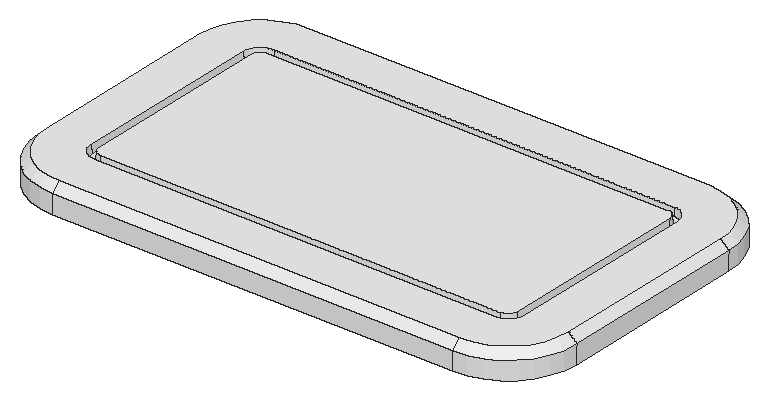
Revit family "Ifö Spira Art Floorstanding WC 6240", category Generic Models, Revit 2015 (continued)
Automatic sketch dimensions
  Masking region 4 sketch curve to plane 3 "Center (Left/Right)" = 0.00 mm  (x2)
  Masking region 4 sketch curve to plane 3 "Center (Left/Right)" = 5.059 mm
  Masking region 4 sketch curve to plane 3 "Center (Left/Right)" = 15.16 mm
  Masking region 4 sketch curve to plane 3 "Center (Left/Right)" = 30.50 mm  (x2)
  Masking region 4 sketch curve to Masking region 4 sketch curve = 10.499 mm  (x2)
  Masking region 4 sketch curve to plane 3 "Center (Left/Right)" = 46.175 mm
  Masking region 4 sketch curve to Masking region 4 sketch curve = 4.10 mm  (x2)
  Masking region 4 sketch curve to plane 3 "Center (Left/Right)" = 50.334 mm
  Masking region 4 sketch curve to Masking region 4 sketch curve = 11.873 mm  (x2)
  Masking region 4 sketch curve to Masking region 4 sketch curve = 21.853 mm  (x2)
  Masking region 4 sketch curve to Masking region 4 sketch curve = 13.385 mm  (x2)
  Masking region 4 sketch curve to Masking region 4 sketch curve = 43.322 mm  (x2)
  Masking region 4 sketch curve to Masking region 4 sketch curve = 58.834 mm  (x2)
  Masking region 4 sketch curve to Masking region 4 sketch curve = 20.874 mm  (x2)
  Masking region 4 sketch curve to Masking region 4 sketch curve = 21.34 mm  (x2)
  Masking region 4 sketch curve to Masking region 4 sketch curve = 40.97 mm  (x2)
  Masking region 4 sketch curve to Masking region 4 sketch curve = 12.795 mm  (x2)
  Masking region 4 sketch curve to Masking region 4 sketch curve = 37.146 mm  (x2)
  plane 1 "Center (Front/Back)" to Masking region 4 sketch curve = 62.186 mm  (x2)
  Masking region 4 sketch curve to Masking region 4 sketch curve = 41.449 mm  (x2)
  Masking region 4 sketch curve to Masking region 4 sketch curve = 1.782 mm  (x2)
  Masking region 4 sketch curve to Masking region 4 sketch curve = 11.944 mm  (x2)
  Masking region 4 sketch curve to Masking region 4 sketch curve = 6.206 mm  (x2)
  Masking region 4 sketch curve to Masking region 4 sketch curve = 7.087 mm  (x2)
  Masking region 4 sketch curve to Masking region 4 sketch curve = 26.449 mm  (x2)
  Masking region 4 sketch curve to Masking region 4 sketch curve = 132.475 mm  (x2)
  Masking region 4 sketch curve to Masking region 4 sketch curve = 158.229 mm  (x2)
  plane 1 "Center (Front/Back)" to Masking region 4 sketch curve = 315.12 mm  (x2)
  Masking region 4 sketch curve to Masking region 4 sketch curve = 703.053 mm  (x2)
  plane 1 "Center (Front/Back)" to Masking region 4 sketch curve = 236.045 mm  (x2)
  Masking region 4 sketch curve to Masking region 4 sketch curve = 1229.201 mm  (x2)
  plane 1 "Center (Front/Back)" to Masking region 4 sketch curve = 433.796 mm  (x2)
  Masking region 4 sketch curve to Masking region 4 sketch curve = 1333.05 mm  (x2)
  plane 3 "Center (Left/Right)" to Masking region 4 sketch curve = 5.059 mm
  plane 3 "Center (Left/Right)" to Masking region 4 sketch curve = 15.16 mm
  plane 3 "Center (Left/Right)" to Masking region 4 sketch curve = 30.50 mm  (x2)
  plane 3 "Center (Left/Right)" to Masking region 4 sketch curve = 46.175 mm
  plane 3 "Center (Left/Right)" to Masking region 4 sketch curve = 50.334 mm
  Masking region 4 sketch curve to Masking region 4 sketch curve = 374.94 mm
  Masking region 4 sketch curve to Masking region 4 sketch curve = 6.776 mm  (x2)
  Masking region 4 sketch curve to Masking region 4 sketch curve = 3.689 mm  (x2)
  Masking region 4 sketch curve to Masking region 4 sketch curve = 39.667 mm
  Masking region 4 sketch curve to Masking region 4 sketch curve = 15.431 mm
  Masking region 4 sketch curve to Masking region 4 sketch curve = 18.776 mm
  Masking region 4 sketch curve to Masking region 4 sketch curve = 1892.949 mm
  Masking region 4 sketch curve to Masking region 4 sketch curve = 7.416 mm  (x2)
  Masking region 4 sketch curve to Masking region 4 sketch curve = 15.995 mm  (x2)
  Masking region 4 sketch curve to Masking region 4 sketch curve = 139.351 mm  (x2)
  Masking region 4 sketch curve to Masking region 4 sketch curve = 8.503 mm  (x2)
  Masking region 4 sketch curve to Masking region 4 sketch curve = 1.563 mm  (x2)
  Masking region 4 sketch curve to Masking region 4 sketch curve = 11.983 mm  (x2)
  Masking region 4 sketch curve to Masking region 4 sketch curve = 22.105 mm  (x2)
  Masking region 4 sketch curve to Masking region 4 sketch curve = 10.983 mm  (x2)
  Masking region 4 sketch curve to Masking region 4 sketch curve = 40.532 mm  (x2)
  Masking region 4 sketch curve to Masking region 4 sketch curve = 86.799 mm
  Masking region 4 sketch curve to Masking region 4 sketch curve = 29.704 mm  (x2)
  Masking region 4 sketch curve to Masking region 4 sketch curve = 0.561 mm  (x2)
  Masking region 4 sketch curve to Masking region 4 sketch curve = 7.64 mm  (x2)
  Masking region 4 sketch curve to Masking region 4 sketch curve = 22.166 mm  (x2)
  Masking region 4 sketch curve to Masking region 4 sketch curve = 55.206 mm
  Masking region 4 sketch curve to Masking region 4 sketch curve = 29.00 mm
  Masking region 4 sketch curve to Masking region 4 sketch curve = 5.273 mm  (x2)
  Masking region 4 sketch curve to Masking region 4 sketch curve = 23.286 mm  (x2)
  plane 1 "Center (Front/Back)" to Masking region 4 sketch curve = 44.222 mm  (x2)
  Masking region 4 sketch curve to plane 3 "Center (Left/Right)" = 36.001 mm
  plane 1 "Center (Front/Back)" to Masking region 4 sketch curve = 2.666 mm
  Masking region 4 sketch curve to Masking region 4 sketch curve = 11.071 mm  (x2)
  Masking region 4 sketch curve to Masking region 4 sketch curve = 0.169 mm  (x2)
  Masking region 5 sketch curve to Masking region 5 sketch curve = 0.00 mm  (x42)
  Masking region 5 sketch curve to plane 3 "Center (Left/Right)" = 0.00 mm  (x2)
  Masking region 5 sketch curve to plane 3 "Center (Left/Right)" = 1.863 mm
  Masking region 5 sketch curve to plane 3 "Center (Left/Right)" = 2.498 mm
  Masking region 5 sketch curve to plane 3 "Center (Left/Right)" = 12.898 mm
  Masking region 5 sketch curve to plane 3 "Center (Left/Right)" = 19.664 mm
  Masking region 5 sketch curve to Masking region 5 sketch curve = 9.427 mm  (x2)
  Masking region 5 sketch curve to plane 3 "Center (Left/Right)" = 30.50 mm  (x2)
  Masking region 5 sketch curve to Masking region 5 sketch curve = 19.015 mm  (x2)
  Masking region 5 sketch curve to Masking region 5 sketch curve = 10.499 mm  (x2)
  Masking region 5 sketch curve to plane 3 "Center (Left/Right)" = 50.334 mm
  Masking region 5 sketch curve to Masking region 5 sketch curve = 21.853 mm  (x2)
  Masking region 5 sketch curve to Masking region 5 sketch curve = 33.292 mm  (x2)
  Masking region 5 sketch curve to Masking region 5 sketch curve = 15.388 mm  (x2)
  Masking region 5 sketch curve to Masking region 5 sketch curve = 43.322 mm  (x2)
  Masking region 5 sketch curve to Masking region 5 sketch curve = 58.834 mm  (x2)
  Masking region 5 sketch curve to Masking region 5 sketch curve = 20.874 mm  (x2)
  Masking region 5 sketch curve to Masking region 5 sketch curve = 40.97 mm  (x2)
  Masking region 5 sketch curve to Masking region 5 sketch curve = 12.795 mm  (x2)
  plane 1 "Center (Front/Back)" to Masking region 5 sketch curve = 62.186 mm  (x2)
  Masking region 5 sketch curve to Masking region 5 sketch curve = 41.449 mm  (x2)
  Masking region 5 sketch curve to Masking region 5 sketch curve = 11.944 mm  (x2)
  Masking region 5 sketch curve to Masking region 5 sketch curve = 12.709 mm  (x2)
  Masking region 5 sketch curve to Masking region 5 sketch curve = 0.881 mm  (x2)
  Masking region 5 sketch curve to Masking region 5 sketch curve = 114.066 mm  (x2)
  Masking region 5 sketch curve to Masking region 5 sketch curve = 26.449 mm  (x2)
  Masking region 5 sketch curve to Masking region 5 sketch curve = 22.617 mm  (x2)
  Masking region 5 sketch curve to Masking region 5 sketch curve = 158.229 mm  (x2)
  plane 1 "Center (Front/Back)" to Masking region 5 sketch curve = 292.423 mm  (x2)
  Masking region 5 sketch curve to Masking region 5 sketch curve = 842.522 mm  (x2)
  plane 1 "Center (Front/Back)" to Masking region 5 sketch curve = 236.045 mm  (x2)
  Masking region 5 sketch curve to Masking region 5 sketch curve = 1089.732 mm  (x2)
  Masking region 5 sketch curve to Masking region 5 sketch curve = 213.732 mm  (x2)
  Masking region 5 sketch curve to Masking region 5 sketch curve = 441.251 mm  (x2)
  plane 3 "Center (Left/Right)" to Masking region 5 sketch curve = 1.863 mm
  plane 3 "Center (Left/Right)" to Masking region 5 sketch curve = 2.498 mm
  plane 3 "Center (Left/Right)" to Masking region 5 sketch curve = 12.898 mm
  plane 3 "Center (Left/Right)" to Masking region 5 sketch curve = 19.664 mm
  plane 3 "Center (Left/Right)" to Masking region 5 sketch curve = 30.50 mm  (x2)
  plane 3 "Center (Left/Right)" to Masking region 5 sketch curve = 50.334 mm
  Masking region 5 sketch curve to Masking region 5 sketch curve = 59.956 mm  (x2)
  Masking region 5 sketch curve to Masking region 5 sketch curve = 330.558 mm  (x2)
  Masking region 5 sketch curve to Masking region 5 sketch curve = 10.926 mm  (x2)
  Masking region 5 sketch curve to Masking region 5 sketch curve = 29.861 mm  (x2)
  plane 1 "Center (Front/Back)" to Masking region 5 sketch curve = 424.92 mm  (x2)
  Masking region 5 sketch curve to Masking region 5 sketch curve = 14.671 mm  (x2)
  Masking region 5 sketch curve to Masking region 5 sketch curve = 14.605 mm
  Masking region 5 sketch curve to Masking region 5 sketch curve = 5.931 mm  (x2)
  Masking region 5 sketch curve to Masking region 5 sketch curve = 17.35 mm  (x2)
  Masking region 5 sketch curve to Masking region 5 sketch curve = 11.28 mm  (x2)
  Masking region 5 sketch curve to Masking region 5 sketch curve = 31.789 mm
  Masking region 5 sketch curve to Masking region 5 sketch curve = 23.782 mm
  Masking region 5 sketch curve to Masking region 5 sketch curve = 1878.333 mm
  Masking region 5 sketch curve to Masking region 5 sketch curve = 140.429 mm  (x2)
  Masking region 5 sketch curve to Masking region 5 sketch curve = 19.302 mm  (x2)
  Masking region 5 sketch curve to Masking region 5 sketch curve = 10.983 mm  (x2)
  Masking region 5 sketch curve to Masking region 5 sketch curve = 40.532 mm  (x2)
  Masking region 5 sketch curve to Masking region 5 sketch curve = 18.284 mm
  Masking region 5 sketch curve to Masking region 5 sketch curve = 29.704 mm  (x2)
  Masking region 5 sketch curve to Masking region 5 sketch curve = 0.561 mm  (x2)
  Masking region 5 sketch curve to Masking region 5 sketch curve = 7.64 mm  (x2)
  Masking region 5 sketch curve to Masking region 5 sketch curve = 22.166 mm  (x2)
  Masking region 5 sketch curve to Masking region 5 sketch curve = 55.206 mm
  Masking region 5 sketch curve to Masking region 5 sketch curve = 29.00 mm
  Masking region 5 sketch curve to Masking region 5 sketch curve = 5.273 mm  (x2)
  Masking region 5 sketch curve to Masking region 5 sketch curve = 23.286 mm  (x2)
  plane 1 "Center (Front/Back)" to Masking region 5 sketch curve = 44.222 mm  (x2)
  Masking region 5 sketch curve to plane 3 "Center (Left/Right)" = 29.529 mm
  plane 1 "Center (Front/Back)" to Masking region 5 sketch curve = 2.666 mm
  Masking region 5 sketch curve to Masking region 5 sketch curve = 11.071 mm  (x2)
  Masking region 5 sketch curve to Masking region 5 sketch curve = 0.169 mm  (x2)
  Masking region 5 sketch curve to Masking region 5 sketch curve = 2.326 mm  (x2)
  Masking region 6 sketch curve to Masking region 6 sketch curve = 0.00 mm  (x40)
  Masking region 6 sketch curve to level = 0.00 mm
  Masking region 6 sketch curve to plane 3 "Center (Left/Right)" = 0.00 mm
  Masking region 6 sketch curve to plane 3 "Center (Left/Right)" = 1.097 mm
  Masking region 6 sketch curve to plane 3 "Center (Left/Right)" = 39.749 mm
  Masking region 6 sketch curve to Masking region 6 sketch curve = 1.251 mm  (x3)
  Masking region 6 sketch curve to plane 3 "Center (Left/Right)" = 58.299 mm
  Masking region 6 sketch curve to plane 3 "Center (Left/Right)" = 103.905 mm
  Masking region 6 sketch curve to plane 3 "Center (Left/Right)" = 106.601 mm
  Masking region 6 sketch curve to plane 5 "In" = 67.396 mm  (x2)
  Masking region 6 sketch curve to plane 3 "Center (Left/Right)" = 116.511 mm
  Masking region 6 sketch curve to Masking region 6 sketch curve = 79.148 mm  (x2)
  plane 5 "In" to Masking region 6 sketch curve = 111.784 mm  (x2)
  Masking region 6 sketch curve to Masking region 6 sketch curve = 20.823 mm  (x2)
  Masking region 6 sketch curve to Masking region 6 sketch curve = 10.573 mm  (x2)
  Masking region 6 sketch curve to Masking region 6 sketch curve = 35.511 mm  (x2)
  Masking region 6 sketch curve to Masking region 6 sketch curve = 0.124 mm  (x2)
  plane 5 "In" to Masking region 6 sketch curve = 32.699 mm  (x2)
  Masking region 6 sketch curve to Masking region 6 sketch curve = 3.064 mm  (x2)
  Masking region 6 sketch curve to Masking region 6 sketch curve = 98.984 mm  (x2)
  Masking region 6 sketch curve to Masking region 6 sketch curve = 41.021 mm  (x2)
  Masking region 6 sketch curve to Masking region 6 sketch curve = 11.064 mm  (x2)
  Masking region 6 sketch curve to Masking region 6 sketch curve = 16.019 mm  (x2)
  Masking region 6 sketch curve to Masking region 6 sketch curve = 19.726 mm  (x2)
  Masking region 6 sketch curve to Masking region 6 sketch curve = 9.422 mm  (x2)
  Masking region 6 sketch curve to plane 5 "In" = 26.827 mm  (x2)
  Masking region 6 sketch curve to Masking region 6 sketch curve = 20.902 mm  (x2)
  Masking region 6 sketch curve to Masking region 6 sketch curve = 0.591 mm  (x2)
  Masking region 6 sketch curve to plane 5 "In" = 78.959 mm  (x2)
  Masking region 6 sketch curve to Masking region 6 sketch curve = 1.184 mm  (x2)
  Masking region 6 sketch curve to plane 5 "In" = 76.255 mm  (x2)
  Masking region 6 sketch curve to Masking region 6 sketch curve = 0.037 mm  (x2)
  Masking region 6 sketch curve to Masking region 6 sketch curve = 4.315 mm  (x2)
  Masking region 6 sketch curve to plane 5 "In" = 60.526 mm  (x2)
  Masking region 6 sketch curve to Masking region 6 sketch curve = 4.258 mm  (x2)
  Masking region 6 sketch curve to Masking region 6 sketch curve = 5.516 mm  (x2)
  Masking region 6 sketch curve to Masking region 6 sketch curve = 3.578 mm  (x2)
  Masking region 6 sketch curve to Masking region 6 sketch curve = 1.313 mm  (x2)
  Masking region 6 sketch curve to Masking region 6 sketch curve = 3.158 mm  (x2)
  Masking region 6 sketch curve to Masking region 6 sketch curve = 2.653 mm  (x2)
  Masking region 6 sketch curve to Masking region 6 sketch curve = 0.936 mm  (x2)
  Masking region 6 sketch curve to Masking region 6 sketch curve = 49.097 mm  (x2)
  level to Masking region 6 sketch curve = 115.331 mm  (x2)
  Masking region 6 sketch curve to Masking region 6 sketch curve = 314.901 mm  (x2)
  Masking region 6 sketch curve to Masking region 6 sketch curve = 537.364 mm  (x2)
  Masking region 6 sketch curve to Masking region 6 sketch curve = 5.325 mm  (x2)
  Masking region 6 sketch curve to plane 5 "In" = 274.033 mm  (x2)
  Masking region 6 sketch curve to Masking region 6 sketch curve = 705.088 mm  (x2)
  Masking region 6 sketch curve to plane 5 "In" = 199.896 mm  (x2)
  Masking region 6 sketch curve to Masking region 6 sketch curve = 566.532 mm  (x2)
  Masking region 6 sketch curve to plane 5 "In" = 72.153 mm  (x2)
  Masking region 6 sketch curve to Masking region 6 sketch curve = 2760.217 mm  (x2)
  plane 3 "Center (Left/Right)" to Masking region 6 sketch curve = 1.097 mm
  plane 3 "Center (Left/Right)" to Masking region 6 sketch curve = 39.749 mm
  plane 3 "Center (Left/Right)" to Masking region 6 sketch curve = 58.299 mm
  plane 3 "Center (Left/Right)" to Masking region 6 sketch curve = 103.905 mm
  plane 3 "Center (Left/Right)" to Masking region 6 sketch curve = 106.601 mm
  plane 3 "Center (Left/Right)" to Masking region 6 sketch curve = 116.511 mm
  level to Masking region 6 sketch curve = 70.931 mm
  Masking region 6 sketch curve to Masking region 6 sketch curve = 11.47 mm  (x2)
  Masking region 6 sketch curve to Masking region 6 sketch curve = 5.647 mm  (x2)
  Masking region 6 sketch curve to Masking region 6 sketch curve = 4.056 mm  (x2)
  Masking region 6 sketch curve to Masking region 6 sketch curve = 1.372 mm  (x2)
  Masking region 6 sketch curve to Masking region 6 sketch curve = 2.404 mm  (x2)
  Masking region 6 sketch curve to Masking region 6 sketch curve = 5.304 mm  (x2)
  Masking region 6 sketch curve to Masking region 6 sketch curve = 7.078 mm  (x2)
  Masking region 6 sketch curve to Masking region 6 sketch curve = 5.107 mm  (x2)
  Masking region 6 sketch curve to Masking region 6 sketch curve = 8.23 mm  (x2)
  Masking region 6 sketch curve to Masking region 6 sketch curve = 3.98 mm  (x2)
  Masking region 6 sketch curve to Masking region 6 sketch curve = 0.639 mm  (x2)
  Masking region 6 sketch curve to Masking region 6 sketch curve = 1.538 mm  (x2)
  Masking region 6 sketch curve to Masking region 6 sketch curve = 5.195 mm  (x2)
  Masking region 6 sketch curve to Masking region 6 sketch curve = 55.874 mm  (x2)
  Masking region 6 sketch curve to Masking region 6 sketch curve = 113.851 mm  (x2)
  Masking region 6 sketch curve to Masking region 6 sketch curve = 56.86 mm  (x2)
  Masking region 6 sketch curve to plane 5 "In" = 352.228 mm  (x2)
  Masking region 6 sketch curve to Masking region 6 sketch curve = 40.738 mm  (x2)
  Masking region 6 sketch curve to Masking region 6 sketch curve = 105.797 mm
  Masking region 6 sketch curve to Masking region 6 sketch curve = 112.381 mm  (x2)
  Masking region 6 sketch curve to Masking region 6 sketch curve = 7.554 mm  (x2)
  Masking region 6 sketch curve to Masking region 6 sketch curve = 25.194 mm  (x2)
  Masking region 6 sketch curve to Masking region 6 sketch curve = 75.376 mm
  Masking region 6 sketch curve to Masking region 6 sketch curve = 1.235 mm  (x2)
  Masking region 6 sketch curve to Masking region 6 sketch curve = 15.581 mm  (x2)
  Masking region 6 sketch curve to Masking region 6 sketch curve = 1.107 mm  (x2)
  Masking region 6 sketch curve to Masking region 6 sketch curve = 0.249 mm  (x2)
  Masking region 6 sketch curve to Masking region 6 sketch curve = 5.442 mm  (x2)
  Masking region 6 sketch curve to Masking region 6 sketch curve = 0.105 mm  (x2)
  Masking region 6 sketch curve to Masking region 6 sketch curve = 2.176 mm  (x2)
  Masking region 6 sketch curve to Masking region 6 sketch curve = 0.825 mm  (x2)
  Masking region 6 sketch curve to Masking region 6 sketch curve = 1.812 mm  (x2)
  Masking region 7 sketch curve to Masking region 7 sketch curve = 0.00 mm  (x39)
  Masking region 7 sketch curve to level = 0.00 mm
  Masking region 7 sketch curve to plane 3 "Center (Left/Right)" = 0.00 mm
  Masking region 7 sketch curve to plane 3 "Center (Left/Right)" = 1.097 mm
  Masking region 7 sketch curve to plane 3 "Center (Left/Right)" = 39.749 mm
  Masking region 7 sketch curve to Masking region 7 sketch curve = 1.251 mm  (x3)
  Masking region 7 sketch curve to plane 3 "Center (Left/Right)" = 44.327 mm
  Masking region 7 sketch curve to plane 3 "Center (Left/Right)" = 58.299 mm
  Masking region 7 sketch curve to plane 3 "Center (Left/Right)" = 103.905 mm
  Masking region 7 sketch curve to plane 3 "Center (Left/Right)" = 106.601 mm
  Masking region 7 sketch curve to Masking region 7 sketch curve = 72.183 mm  (x2)
  Masking region 7 sketch curve to Masking region 7 sketch curve = 79.148 mm  (x2)
  Masking region 7 sketch curve to Masking region 7 sketch curve = 4.268 mm  (x2)
  plane 5 "In" to Masking region 7 sketch curve = 111.784 mm  (x2)
  Masking region 7 sketch curve to Masking region 7 sketch curve = 20.823 mm  (x2)
  Masking region 7 sketch curve to Masking region 7 sketch curve = 10.573 mm  (x2)
  Masking region 7 sketch curve to Masking region 7 sketch curve = 31.772 mm  (x2)
  plane 5 "In" to Masking region 7 sketch curve = 32.699 mm  (x2)
  Masking region 7 sketch curve to Masking region 7 sketch curve = 30.358 mm  (x2)
  Masking region 7 sketch curve to Masking region 7 sketch curve = 4.239 mm  (x2)
  Masking region 7 sketch curve to Masking region 7 sketch curve = 11.839 mm  (x2)
  Masking region 7 sketch curve to Masking region 7 sketch curve = 7.927 mm  (x2)
  Masking region 7 sketch curve to Masking region 7 sketch curve = 2.673 mm  (x2)
  Masking region 7 sketch curve to Masking region 7 sketch curve = 0.728 mm  (x2)
  Masking region 7 sketch curve to Masking region 7 sketch curve = 4.596 mm
  Masking region 7 sketch curve to Masking region 7 sketch curve = 2.097 mm  (x2)
  Masking region 7 sketch curve to Masking region 7 sketch curve = 0.815 mm  (x2)
  Masking region 7 sketch curve to Masking region 7 sketch curve = 8.119 mm  (x2)
  Masking region 7 sketch curve to plane 5 "In" = 26.827 mm  (x2)
  Masking region 7 sketch curve to Masking region 7 sketch curve = 0.416 mm  (x2)
  Masking region 7 sketch curve to Masking region 7 sketch curve = 1.822 mm  (x2)
  Masking region 7 sketch curve to plane 5 "In" = 78.959 mm  (x2)
  Masking region 7 sketch curve to Masking region 7 sketch curve = 1.775 mm  (x2)
  Masking region 7 sketch curve to plane 5 "In" = 76.255 mm  (x2)
  Masking region 7 sketch curve to Masking region 7 sketch curve = 0.037 mm  (x2)
  Masking region 7 sketch curve to plane 5 "In" = 60.526 mm  (x2)
  Masking region 7 sketch curve to Masking region 7 sketch curve = 4.258 mm  (x2)
  Masking region 7 sketch curve to Masking region 7 sketch curve = 56.127 mm  (x2)
  level to Masking region 7 sketch curve = 115.331 mm  (x2)
  Masking region 7 sketch curve to Masking region 7 sketch curve = 314.901 mm  (x2)
  Masking region 7 sketch curve to Masking region 7 sketch curve = 537.364 mm  (x2)
  Masking region 7 sketch curve to Masking region 7 sketch curve = 5.325 mm  (x2)
  Masking region 7 sketch curve to plane 5 "In" = 274.033 mm  (x2)
  Masking region 7 sketch curve to Masking region 7 sketch curve = 705.088 mm  (x2)
  Masking region 7 sketch curve to plane 5 "In" = 199.896 mm  (x2)
  Masking region 7 sketch curve to Masking region 7 sketch curve = 566.532 mm  (x2)
  Masking region 7 sketch curve to plane 5 "In" = 72.153 mm  (x2)
  Masking region 7 sketch curve to Masking region 7 sketch curve = 2760.217 mm  (x2)
  plane 3 "Center (Left/Right)" to Masking region 7 sketch curve = 1.097 mm
  plane 3 "Center (Left/Right)" to Masking region 7 sketch curve = 39.749 mm
  plane 3 "Center (Left/Right)" to Masking region 7 sketch curve = 44.327 mm
  plane 3 "Center (Left/Right)" to Masking region 7 sketch curve = 58.299 mm
  plane 3 "Center (Left/Right)" to Masking region 7 sketch curve = 103.905 mm
  plane 3 "Center (Left/Right)" to Masking region 7 sketch curve = 106.601 mm
  Masking region 7 sketch curve to Masking region 7 sketch curve = 12.523 mm
  level to Masking region 7 sketch curve = 70.931 mm
  Masking region 7 sketch curve to Masking region 7 sketch curve = 8.859 mm  (x2)
  Masking region 7 sketch curve to Masking region 7 sketch curve = 4.056 mm  (x2)
  Masking region 7 sketch curve to Masking region 7 sketch curve = 9.763 mm  (x2)
  Masking region 7 sketch curve to Masking region 7 sketch curve = 5.46 mm  (x2)
  Masking region 7 sketch curve to Masking region 7 sketch curve = 12.507 mm  (x2)
  Masking region 7 sketch curve to Masking region 7 sketch curve = 8.367 mm  (x2)
  Masking region 7 sketch curve to Masking region 7 sketch curve = 3.737 mm  (x2)
  Masking region 7 sketch curve to Masking region 7 sketch curve = 0.718 mm  (x2)
  Masking region 7 sketch curve to Masking region 7 sketch curve = 5.446 mm
  Masking region 7 sketch curve to Masking region 7 sketch curve = 4.72 mm
  Masking region 7 sketch curve to Masking region 7 sketch curve = 2.418 mm  (x2)
  Masking region 7 sketch curve to Masking region 7 sketch curve = 8.722 mm  (x2)
  Masking region 7 sketch curve to Masking region 7 sketch curve = 2.132 mm  (x2)
  Masking region 7 sketch curve to Masking region 7 sketch curve = 2.104 mm  (x2)
  Masking region 7 sketch curve to Masking region 7 sketch curve = 17.458 mm  (x2)
  Masking region 7 sketch curve to Masking region 7 sketch curve = 202.163 mm
  Masking region 7 sketch curve to plane 5 "In" = 352.228 mm  (x2)
  Masking region 7 sketch curve to Masking region 7 sketch curve = 40.738 mm  (x2)
  Masking region 7 sketch curve to Masking region 7 sketch curve = 105.797 mm
  Masking region 7 sketch curve to Masking region 7 sketch curve = 14.139 mm  (x2)
  Masking region 7 sketch curve to Masking region 7 sketch curve = 25.194 mm  (x2)
  Masking region 7 sketch curve to Masking region 7 sketch curve = 75.376 mm
  Masking region 7 sketch curve to Masking region 7 sketch curve = 1.235 mm  (x2)
  Masking region 7 sketch curve to Masking region 7 sketch curve = 1.719 mm  (x2)
  Masking region 7 sketch curve to Masking region 7 sketch curve = 2.839 mm  (x2)
  Masking region 7 sketch curve to Masking region 7 sketch curve = 0.256 mm  (x2)
  Masking region 8 sketch curve to Masking region 8 sketch curve = 0.00 mm  (x57)
  Masking region 8 sketch curve to level = 0.00 mm
  plane 5 "In" to Masking region 8 sketch curve = 21.297 mm
  plane 1 "Center (Front/Back)" to Masking region 8 sketch curve = 12801.642 mm
  Masking region 8 sketch curve to plane 5 "In" = 179.191 mm
  plane 1 "Center (Front/Back)" to Masking region 8 sketch curve = 3881.15 mm
  Masking region 8 sketch curve to plane 5 "In" = 26.715 mm
  Masking region 8 sketch curve to Masking region 8 sketch curve = 1311.117 mm
  Masking region 8 sketch curve to Masking region 8 sketch curve = 139.988 mm
  level to Masking region 8 sketch curve = 99.166 mm
  Masking region 8 sketch curve to Masking region 8 sketch curve = 1147.333 mm
  Masking region 8 sketch curve to level = 133.484 mm
  Masking region 8 sketch curve to Masking region 8 sketch curve = 141.808 mm
  level to Masking region 8 sketch curve = 92.755 mm
  Masking region 8 sketch curve to Masking region 8 sketch curve = 188.534 mm
  Masking region 8 sketch curve to Masking region 8 sketch curve = 104.948 mm
  plane 5 "In" to Masking region 8 sketch curve = 55.014 mm
  Masking region 8 sketch curve to Masking region 8 sketch curve = 244.97 mm
  level to Masking region 8 sketch curve = 12.005 mm
  Masking region 8 sketch curve to Masking region 8 sketch curve = 178.406 mm
  Masking region 8 sketch curve to Masking region 8 sketch curve = 34.541 mm
  Masking region 8 sketch curve to plane 5 "In" = 73.225 mm
  Masking region 8 sketch curve to Masking region 8 sketch curve = 239.685 mm
  Masking region 8 sketch curve to Masking region 8 sketch curve = 1.026 mm
  Masking region 8 sketch curve to Masking region 8 sketch curve = 1.069 mm
  Masking region 8 sketch curve to Masking region 8 sketch curve = 5.351 mm
  Masking region 8 sketch curve to Masking region 8 sketch curve = 11.205 mm
  Masking region 8 sketch curve to Masking region 8 sketch curve = 5.937 mm
  Masking region 8 sketch curve to Masking region 8 sketch curve = 9.11 mm
  Masking region 8 sketch curve to Masking region 8 sketch curve = 34.252 mm
  Masking region 8 sketch curve to Masking region 8 sketch curve = 112.338 mm
  Masking region 8 sketch curve to Masking region 8 sketch curve = 68.593 mm
  Masking region 8 sketch curve to Masking region 8 sketch curve = 79.183 mm
  level to Masking region 8 sketch curve = 66.158 mm
  Masking region 8 sketch curve to Masking region 8 sketch curve = 2.31 mm
  Masking region 8 sketch curve to Masking region 8 sketch curve = 74.449 mm
  Masking region 8 sketch curve to Masking region 8 sketch curve = 48.528 mm
  Masking region 8 sketch curve to Masking region 8 sketch curve = 19.539 mm
  Masking region 8 sketch curve to Masking region 8 sketch curve = 17.196 mm
  plane 1 "Center (Front/Back)" to Masking region 8 sketch curve = 289.624 mm
  plane 1 "Center (Front/Back)" to Masking region 8 sketch curve = 232.641 mm
  plane 1 "Center (Front/Back)" to Masking region 8 sketch curve = 228.634 mm
  Masking region 8 sketch curve to Masking region 8 sketch curve = 126.062 mm
  Masking region 8 sketch curve to Masking region 8 sketch curve = 7.582 mm
  Masking region 8 sketch curve to Masking region 8 sketch curve = 6.109 mm
  Masking region 8 sketch curve to plane 5 "In" = 81.169 mm
  Masking region 8 sketch curve to Masking region 8 sketch curve = 10.037 mm
  Masking region 8 sketch curve to plane 5 "In" = 93.093 mm
  Masking region 8 sketch curve to Masking region 8 sketch curve = 13.242 mm
  Masking region 8 sketch curve to Masking region 8 sketch curve = 0.712 mm
  Masking region 8 sketch curve to Masking region 8 sketch curve = 1.208 mm
  Masking region 8 sketch curve to Masking region 8 sketch curve = 3.765 mm
  Masking region 8 sketch curve to Masking region 8 sketch curve = 0.994 mm
  Masking region 8 sketch curve to Masking region 8 sketch curve = 11.478 mm
  Masking region 8 sketch curve to Masking region 8 sketch curve = 16.707 mm
  Masking region 8 sketch curve to Masking region 8 sketch curve = 39.068 mm
  plane 1 "Center (Front/Back)" to Masking region 8 sketch curve = 133.341 mm
  Masking region 8 sketch curve to Masking region 8 sketch curve = 9.936 mm
  Masking region 8 sketch curve to Masking region 8 sketch curve = 0.645 mm
  Masking region 8 sketch curve to Masking region 8 sketch curve = 5.885 mm
  Masking region 8 sketch curve to Masking region 8 sketch curve = 1.495 mm
  Masking region 8 sketch curve to Masking region 8 sketch curve = 11.338 mm
  Masking region 8 sketch curve to Masking region 8 sketch curve = 22.259 mm
  Masking region 8 sketch curve to Masking region 8 sketch curve = 39.965 mm
  Masking region 8 sketch curve to Masking region 8 sketch curve = 28.474 mm
  plane 1 "Center (Front/Back)" to Masking region 8 sketch curve = 89.965 mm
  Masking region 8 sketch curve to Masking region 8 sketch curve = 9.095 mm
  Masking region 8 sketch curve to Masking region 8 sketch curve = 3.176 mm
  plane 1 "Center (Front/Back)" to Masking region 8 sketch curve = 77.851 mm
  Masking region 8 sketch curve to Masking region 8 sketch curve = 29.619 mm
  plane 1 "Center (Front/Back)" to Masking region 8 sketch curve = 47.613 mm
  plane 1 "Center (Front/Back)" to Masking region 8 sketch curve = 37.092 mm
  Masking region 8 sketch curve to Masking region 8 sketch curve = 3.244 mm
  plane 1 "Center (Front/Back)" to Masking region 8 sketch curve = 30.078 mm
  plane 1 "Center (Front/Back)" to Masking region 8 sketch curve = 30.07 mm
  Masking region 8 sketch curve to Masking region 8 sketch curve = 9.144 mm
  Masking region 8 sketch curve to Masking region 8 sketch curve = 1.335 mm
  plane 1 "Center (Front/Back)" to Masking region 8 sketch curve = 15.45 mm
  plane 1 "Center (Front/Back)" to Masking region 8 sketch curve = 14.573 mm
  plane 1 "Center (Front/Back)" to Masking region 8 sketch curve = 9.714 mm
  plane 1 "Center (Front/Back)" to Masking region 8 sketch curve = 8.238 mm
  Masking region 8 sketch curve to Masking region 8 sketch curve = 3.504 mm
  plane 1 "Center (Front/Back)" to Masking region 8 sketch curve = 3.933 mm
  Masking region 8 sketch curve to Masking region 8 sketch curve = 1.191 mm
  plane 1 "Center (Front/Back)" to Masking region 8 sketch curve = 2.223 mm
  Masking region 8 sketch curve to plane 1 "Center (Front/Back)" = 232.303 mm
  Masking region 8 sketch curve to plane 5 "In" = 126.872 mm
  Masking region 8 sketch curve to Masking region 8 sketch curve = 1296.465 mm
  Masking region 8 sketch curve to Masking region 8 sketch curve = 218.335 mm
  Masking region 8 sketch curve to Masking region 8 sketch curve = 4101.498 mm
  Masking region 8 sketch curve to level = 98.806 mm
  Masking region 8 sketch curve to Masking region 8 sketch curve = 3057.744 mm
  Masking region 8 sketch curve to level = 755.118 mm
  Masking region 8 sketch curve to level = 1624.984 mm
  level to Masking region 8 sketch curve = 29.781 mm
  Masking region 8 sketch curve to Masking region 8 sketch curve = 89.729 mm
  Masking region 8 sketch curve to Masking region 8 sketch curve = 15.472 mm
  plane 5 "In" to Masking region 8 sketch curve = 152.073 mm
  Masking region 8 sketch curve to Masking region 8 sketch curve = 95.548 mm
  Masking region 8 sketch curve to plane 5 "In" = 58.208 mm
  Masking region 8 sketch curve to plane 5 "In" = 58.442 mm
  Masking region 8 sketch curve to Masking region 8 sketch curve = 10.607 mm
  Masking region 8 sketch curve to Masking region 8 sketch curve = 5.415 mm
  Masking region 8 sketch curve to Masking region 8 sketch curve = 37.564 mm
  Masking region 8 sketch curve to Masking region 8 sketch curve = 12.693 mm
  Masking region 8 sketch curve to Masking region 8 sketch curve = 2.117 mm
  Masking region 8 sketch curve to Masking region 8 sketch curve = 0.351 mm
  Masking region 8 sketch curve to Masking region 8 sketch curve = 0.144 mm
  Masking region 8 sketch curve to Masking region 8 sketch curve = 0.515 mm
  Masking region 8 sketch curve to Masking region 8 sketch curve = 5.069 mm
  Masking region 8 sketch curve to Masking region 8 sketch curve = 14.676 mm
  Masking region 8 sketch curve to Masking region 8 sketch curve = 12.747 mm
  Masking region 8 sketch curve to Masking region 8 sketch curve = 19.277 mm
  Masking region 8 sketch curve to Masking region 8 sketch curve = 8.958 mm
  Masking region 8 sketch curve to Masking region 8 sketch curve = 19.731 mm
  Masking region 8 sketch curve to Masking region 8 sketch curve = 11.147 mm
  Masking region 8 sketch curve to Masking region 8 sketch curve = 14.064 mm
  Masking region 8 sketch curve to Masking region 8 sketch curve = 4.484 mm
  Masking region 8 sketch curve to Masking region 8 sketch curve = 2.65 mm
  Masking region 8 sketch curve to Masking region 8 sketch curve = 2.96 mm
  Masking region 8 sketch curve to Masking region 8 sketch curve = 3.37 mm
  Masking region 8 sketch curve to Masking region 8 sketch curve = 3.929 mm
  Masking region 8 sketch curve to Masking region 8 sketch curve = 1.451 mm
  Masking region 8 sketch curve to Masking region 8 sketch curve = 48.096 mm
  Masking region 8 sketch curve to Masking region 8 sketch curve = 2.451 mm
  Masking region 8 sketch curve to Masking region 8 sketch curve = 16.974 mm
  Masking region 8 sketch curve to Masking region 8 sketch curve = 14.518 mm
  Masking region 8 sketch curve to Masking region 8 sketch curve = 13.886 mm
  Masking region 8 sketch curve to Masking region 8 sketch curve = 48.479 mm
  Masking region 8 sketch curve to plane 5 "In" = 198.687 mm
  Masking region 8 sketch curve to Masking region 8 sketch curve = 55.085 mm
  Masking region 8 sketch curve to Masking region 8 sketch curve = 60.586 mm
  Masking region 8 sketch curve to Masking region 8 sketch curve = 21.924 mm
  Masking region 8 sketch curve to Masking region 8 sketch curve = 22.641 mm
  Masking region 8 sketch curve to Masking region 8 sketch curve = 103.54 mm
  Masking region 8 sketch curve to Masking region 8 sketch curve = 31.764 mm
  Masking region 8 sketch curve to Masking region 8 sketch curve = 191.691 mm
  Masking region 8 sketch curve to Masking region 8 sketch curve = 99.518 mm
  Masking region 8 sketch curve to Masking region 8 sketch curve = 2.465 mm
  Masking region 8 sketch curve to Masking region 8 sketch curve = 14.673 mm
  Masking region 8 sketch curve to Masking region 8 sketch curve = 10.378 mm
  Masking region 8 sketch curve to Masking region 8 sketch curve = 3.427 mm
  Masking region 8 sketch curve to Masking region 8 sketch curve = 29.52 mm
  Masking region 8 sketch curve to Masking region 8 sketch curve = 5.239 mm
  Masking region 8 sketch curve to Masking region 8 sketch curve = 1.308 mm
  Masking region 8 sketch curve to Masking region 8 sketch curve = 37.205 mm
  Masking region 8 sketch curve to Masking region 8 sketch curve = 3.296 mm
  Masking region 8 sketch curve to Masking region 8 sketch curve = 1.969 mm
  Masking region 8 sketch curve to Masking region 8 sketch curve = 249.347 mm
  Masking region 8 sketch curve to Masking region 8 sketch curve = 89.801 mm
  Masking region 8 sketch curve to Masking region 8 sketch curve = 36.968 mm
  Masking region 8 sketch curve to Masking region 8 sketch curve = 600.807 mm
  Masking region 8 sketch curve to Masking region 8 sketch curve = 552.274 mm
  Masking region 8 sketch curve to plane 5 "In" = 3287.592 mm
  Masking region 8 sketch curve to Masking region 8 sketch curve = 3.198 mm
  Masking region 8 sketch curve to Masking region 8 sketch curve = 4.089 mm
  Masking region 8 sketch curve to Masking region 8 sketch curve = 3.648 mm
  Masking region 8 sketch curve to Masking region 8 sketch curve = 4.651 mm
  Masking region 8 sketch curve to Masking region 8 sketch curve = 26.233 mm
  Masking region 8 sketch curve to Masking region 8 sketch curve = 51.78 mm
  Masking region 8 sketch curve to Masking region 8 sketch curve = 0.008 mm
  Masking region 8 sketch curve to Masking region 8 sketch curve = 27.549 mm
  Masking region 8 sketch curve to Masking region 8 sketch curve = 4.24 mm
  Masking region 8 sketch curve to Masking region 8 sketch curve = 4.741 mm
  Masking region 8 sketch curve to Masking region 8 sketch curve = 2.042 mm
  Masking region 8 sketch curve to Masking region 8 sketch curve = 3.187 mm
  curve 38 to curve 52 = 0.00 mm
  curve 40 to curve 50 = 0.00 mm
  plane 3 "Center (Left/Right)" to curve 54 = 17.999 mm
  radius of curve 104 = 10.00 mm
  radius of curve 105 = 10.00 mm
  radius of curve 54 = 7.30 mm
Nested families
  nested 1: "IFO_seat-option3_asm_S" at (-0.502, -436.506, -10.761), visible <- "WithSeat", type "IFO_seat-option3_asm_S"
Connectors
  piping at (0, -300, 0), diameter 110, driven by "WasteConnectionDiameter"
    settings: index 1, connector inside diameter 24", connector length 0.00 mm, flow factor 0, pipe flow 0 GPM, pressure drop 0.00 psi, fitting loss kfactor 0, connector angle 0.00°, fixture units 0, engagement length 0.00 mm, angle of deflection 0.00°, flow configuration 0, flow direction 2, fitting loss method 0, system type 16, joint type 0, gender type 0, connector reference index -1, connector utility 0, adjustable connector no, is connector primary yes, connector description ""
  piping at (125, -100, 340), diameter 20, driven by "ColdWaterConnectionDiameter"
    settings: index 2, connector inside diameter 24", connector length 0.00 mm, flow factor 0, pipe flow 0 GPM, pressure drop 0.00 psi, fitting loss kfactor 0, connector angle 0.00°, fixture units 0, engagement length 0.00 mm, angle of deflection 0.00°, flow configuration 0, flow direction 1, fitting loss method 0, system type 20, joint type 0, gender type 0, connector reference index -1, connector utility 0, adjustable connector no, is connector primary no, connector description ""
Definition of nested family "IFO_seat-option3_asm_S"
  Parameters
    VVS Number = "614548100"
    Reseller = "Max Sibbern A/S"
    Model = "Ifö toiletsæde_S"
    Material = none
    Ifö Number = "99494"
    Elevation Top = 437.50 mm
    CE Labeling = "yes"
  Reference planes
    plane 1 "Center (Front/Back)": y = 0
    plane 2: z = 0
    plane 3 "Center (Left/Right)": x = 0
    plane 4: z = 420
    plane 5: y = -220
  Dimensions and locks
    level to plane 4 = 420.00 mm
    aligned and locked: level to plane 2
